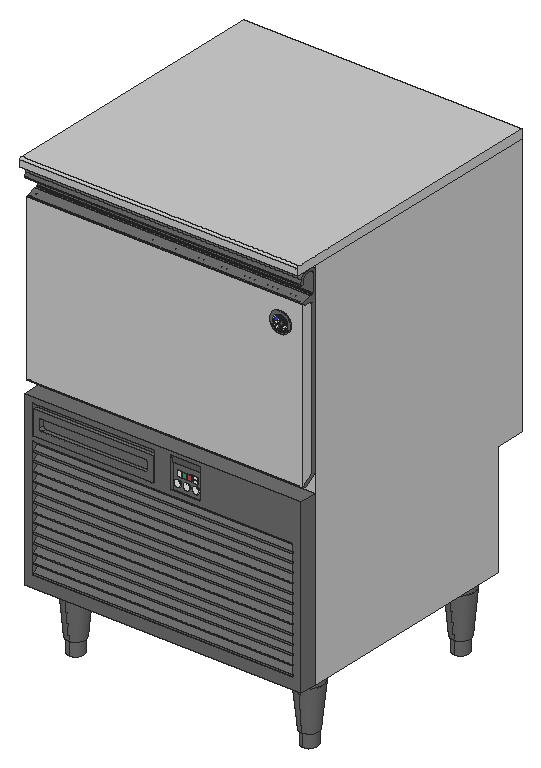
Revit family "QF_HOSHIZAKI_KM-60C-HC-W", category Specialty Equipment, Revit 2016
Family settings
  Part Type = Normal
  Round Connector Dimension = Use Diameter
  OmniClass Number = 23.40.40.14
  OmniClass Title = Food Service Equipment
  Work Plane-Based = No
  Always vertical = Yes
  Cut with Voids When Loaded = No
  Shared = No
  Room Calculation Point = No
Parameters (values of type "KM-60C-HC-W_230V/1Ph/50Hz")
  Weight = 47.00 kg
  Waste Remarks [instance] = ""
  Volts = 230 V
  URL Cutsheet = ""
  URL = "www.hoshizaki-europe.com"
  Status [instance] = ""
  Specification by User [instance] = ""
  Specification by Manufacturer [instance] = ""
  Serial Number = ""
  Seismic Rating = ""
  SMACNA No = ""
  Revision Code [instance] = ""
  Phase = 1
  Number of Poles = 2
  NAFEM Spec ID Number = ""
  Model = "KM-60C-HC-W"
  Min Ckt Ampacity = 0 A
  Max Overcurrent Protection = 0 A
  Masterspec = ""
  Manufacturer = "HOSHIZAKI"
  Length Actual = 605 mm
  Item Number [instance] = ""
  Installed By [instance] = ""
  Indirect Waste Size = 25.4 mm
  Indirect Waste Connection Type [instance] = ""
  Indirect Waste Connection Height [instance] = 301 mm
  Identify Quantity as Lot [instance] = no
  Height Actual = 988 mm
  HP power = ""
  Furnished By [instance] = ""
  Foodservice Equipment Identifier [instance] = yes
  FL Amps = 1.6 A
  Electric power = 255 W
  Electric Connection Type [instance] = ""
  Elec Conn RI Height [instance] = 0 mm
  Elec Conn Connection Height [instance] = 219 mm
  Direct Waste RI Height [instance] = 0 mm
  Description = "SELF CONTAINED KM ICE MAKER, WITH FULLY AUTOMATED CHEMICAL CLEANING FUNCTION, 60KG PER 24 HOURS, CRESCENT"
  Depth Actual = 610 mm
  Cycle = 50 Hz
  Cost = 0
  Conn Plug = ""
  Conn Conduit = no
  Cold Water Temperature Recommended = 0 °C
  Cold Water Size = 19.05 mm
  Cold Water Flow = 0.0 L/s
  Cold Water Connection Height [instance] = 321 mm
  CSI MasterFormat = ""
  Assembly Code = "E1090320"
  Apparent Power = 255 VA
  Accessory = no
Reference planes
  plane 1 "Center (Front/Back)": y = 0
  plane 2: z = 0
  plane 3 "Center (Left/Right)": x = 0
Forms (mm)
  Extrusion 1, solid, not visible
    sketch origin (38, -67, 218) x (1, 0, 0) y (0, 1, 0)
      loop
        line (0, 0) -> (2, 0) -> (2, 2) -> (0, 2) -> (0, 0)
    from 0 to 2
  Extrusion 2, solid, not visible
    sketch origin (93, -33, 323) x (1, 0, 0) y (0, 1, 0)
      loop
        line (0, 0) -> (2, 0) -> (2, 2) -> (0, 2) -> (0, 0)
    from 0 to 2
  Extrusion 3, solid, not visible
    sketch origin (557, -67, 300) x (1, 0, 0) y (0, 1, 0)
      loop
        line (0, 0) -> (2, 0) -> (2, 2) -> (0, 2) -> (0, 0)
    from 0 to 2
Dimensions and locks
  aligned and locked: level to plane 2
Nested families
  nested 1: "QF_HOSHIZAKI_KM-60C-HC-W_230V_1Ph_50Hz" at (0, 0, 0), type "KM-60C-HC-W_230V/1Ph/50Hz"
    with Show Logo yes, Show Clearance yes
Connectors
  electrical at (39, -65, 219), driven by "Apparent Power", driven by "Number of Poles", driven by "Volts"
    settings: on Extrusion 1, index 1, voltage 230 V, apparent load 0 VA, apparent load phase1 255 VA, apparent load phase2 0 VA, apparent load phase3 0 VA, power factor 1, load classification "Other", number of poles 2, system type 31, power factor state 1, is connector primary yes, connector utility no, sub classification motor no, connector description "Electric connection for 'KM-60C-HC-W'"
  piping at (94, -32, 323), diameter 19.05, driven by "Cold Water Size", driven by "Cold Water Flow"
    settings: on Extrusion 2, index 2, connector inside diameter 609.6 mm, connector length 0 mm, flow factor 0, pipe flow 0.0 L/s, pressure drop 0.0 Pa, fitting loss kfactor 0, connector angle 0.00°, fixture units 0, engagement length 0 mm, angle of deflection 0.00°, flow configuration 1, flow direction 1, fitting loss method 0, system type 20, joint type 0, gender type 0, connector reference index -1, connector utility 0, adjustable connector no, is connector primary yes, connector description "Cold Water connection for 'KM-60C-HC-W'"
  piping at (558, -65, 301), diameter 25.4, driven by "Indirect Waste Size"
    settings: on Extrusion 3, index 3, connector inside diameter 609.6 mm, connector length 0 mm, flow factor 0, pipe flow 0.0 L/s, pressure drop 0.0 Pa, fitting loss kfactor 0, connector angle 0.00°, fixture units 0, engagement length 0 mm, angle of deflection 0.00°, flow configuration 1, flow direction 2, fitting loss method 0, system type 16, joint type 0, gender type 0, connector reference index -1, connector utility 0, adjustable connector no, is connector primary no, connector description "Drain connection for 'KM-60C-HC-W'"
Definition of nested family "QF_HOSHIZAKI_KM-60C-HC-W_230V_1Ph_50Hz"
  Parameters (values of type "KM-60C-HC-W_230V/1Ph/50Hz")
    URL = "www.hoshizaki-europe.com"
    Show Logo [instance] = yes
    Show Clearance [instance] = yes
    Model = "KM-60C-HC-W"
    Manufacturer = "HOSHIZAKI"
    Description = "SELF CONTAINED KM ICE MAKER, WITH FULLY AUTOMATED CHEMICAL CLEANING FUNCTION, 60KG PER 24 HOURS, CRESCENT"
    Assembly Code = "E1090320"
  Reference planes
    plane 1 "Back": y = 0
    plane 2: z = 0
    plane 3 "Left": x = 0
    plane 4 "Right": x = 605
    plane 5 "Front": y = -610
    plane 6 "Top": z = 988
  Forms (mm)
    Extrusion 1, solid
      sketch origin (0, 0, 0) x (0, 1, 0) y (0, 0, 1)
        loop
          line (0, 988) -> (-605, 988)
          arc (-605, 988) -> (-608.536, 986.536) -> (-610, 983) r 5
          line (-610, 983) -> (-610, 970) -> (0, 970) -> (0, 988)
      from 0 to 605
    Extrusion 2, solid
      sketch origin (0, 0, 0) x (0, 1, 0) y (0, 0, 1)
        loop
          line (-65, 150) -> (-65, 397) -> (0, 397) -> (0, 970) -> (-560, 970) -> (-560, 150) -> (-65, 150)
      from 0 to 605
    Revolve 3, solid
      sketch origin (48, 0, 0) x (0, 1, 0) y (0, 0, 1)
        loop
          line (-106, 0) -> (-89, 0) -> (-89, 30) -> (-85.966, 30) -> (-76.5, 124) -> (-76.5, 146) -> (-106, 146) -> (-106, 0)
        axis (-106, 0) -> (-106, 146)
      angle from 0 to 360
    Extrusion 4, solid
      sketch origin (0, -0.184, 0) x (0, 1, 0) y (0, 0, 1)
        loop
          arc (-564.152, 560.106) -> (-560.966, 563.691) -> (-559.816, 568.347) r 10
          line (-559.816, 568.347) -> (-559.816, 956.197)
          arc (-559.816, 956.197) -> (-563.19, 963.687) -> (-571.035, 966.123) r 10
          line (-571.035, 966.123) -> (-587.697, 964.077)
          arc (-587.697, 964.077) -> (-593.362, 961.405) -> (-596.326, 955.888) r 10
          line (-596.326, 955.888) -> (-598.012, 946.326)
          arc (-598.012, 946.326) -> (-596.39, 944.009) -> (-594.073, 945.632) r 2
          line (-594.073, 945.632) -> (-592.387, 955.193)
          arc (-592.387, 955.193) -> (-590.608, 958.503) -> (-587.209, 960.106) r 6
          line (-587.209, 960.106) -> (-570.547, 962.152)
          arc (-570.547, 962.152) -> (-565.84, 960.691) -> (-563.816, 956.197) r 6
          line (-563.816, 956.197) -> (-563.816, 915.35)
          arc (-563.816, 915.35) -> (-564.246, 914.146) -> (-565.343, 913.487) r 1.9
          arc (-565.343, 913.487) -> (-565.869, 913.401) -> (-566.401, 913.352) r 7.5
          arc (-566.401, 913.352) -> (-568.987, 913.073) -> (-571.531, 912.527) r 25
          line (-571.531, 912.527) -> (-592.016, 907) -> (-592.016, 905) -> (-590.605, 905)
          arc (-590.605, 905) -> (-589.35, 904.725) -> (-588.326, 903.95) r 3
          arc (-588.326, 903.95) -> (-586.618, 902.659) -> (-584.526, 902.2) r 5
          line (-584.526, 902.2) -> (-574.616, 902.2)
          arc (-574.616, 902.2) -> (-571.08, 900.736) -> (-569.616, 897.2) r 5
          line (-569.616, 897.2) -> (-569.616, 566.869)
          arc (-569.616, 566.869) -> (-570.191, 564.541) -> (-571.784, 562.748) r 5
          line (-571.784, 562.748) -> (-586.848, 552.395)
          arc (-586.848, 552.395) -> (-588.117, 551.134) -> (-588.862, 549.507) r 5
          arc (-588.862, 549.507) -> (-589.572, 548.421) -> (-590.8, 548) r 2
          line (-590.8, 548) -> (-592.016, 548)
          arc (-592.016, 548) -> (-591.43, 546.586) -> (-590.016, 546) r 2
          line (-590.016, 546) -> (-584.677, 546) -> (-564.152, 560.106)
      from 2 to 603
    Extrusion 5, solid
      sketch origin (0, -0.184, 0) x (0, 1, 0) y (0, 0, 1)
        loop
          line (-593.816, 905) -> (-593.816, 548) -> (-590.8, 548)
          arc (-590.8, 548) -> (-589.572, 548.421) -> (-588.862, 549.507) r 2
          arc (-588.862, 549.507) -> (-588.117, 551.134) -> (-586.848, 552.395) r 5
          line (-586.848, 552.395) -> (-571.784, 562.748)
          arc (-571.784, 562.748) -> (-570.191, 564.541) -> (-569.616, 566.869) r 5
          line (-569.616, 566.869) -> (-569.616, 897.2)
          arc (-569.616, 897.2) -> (-571.08, 900.736) -> (-574.616, 902.2) r 5
          line (-574.616, 902.2) -> (-584.526, 902.2)
          arc (-584.526, 902.2) -> (-586.618, 902.659) -> (-588.326, 903.95) r 5
          arc (-588.326, 903.95) -> (-589.35, 904.725) -> (-590.605, 905) r 3
          line (-590.605, 905) -> (-593.816, 905)
      from 2 to 603
    Extrusion 6, solid
      sketch origin (0, -610, 0) x (-1, 0, 0) y (0, 0, 1)
        loop
          line (-1, 523) -> (-604, 523) -> (-604, 150) -> (-1, 150) -> (-1, 523)
        loop
          line (-19.5, 512) -> (-284.5, 512) -> (-284.5, 447) -> (-19.5, 447) -> (-19.5, 512)
        loop
          line (-19.5, 176.5) -> (-19.5, 437) -> (-585.5, 437) -> (-585.5, 176.5) -> (-19.5, 176.5)
      from 11 to 50
    Extrusion 7, solid
      sketch origin (0, 18, 148.5) x (0, 1, 0) y (0, 0, 1)
        loop
          line (-578, 363.5) -> (-607, 363.5) -> (-607, 278.5) -> (-617, 271) -> (-617, 268) -> (-597, 283) -> (-597, 266) -> (-617, 251) -> (-617, 248) -> (-597, 263) -> (-597, 246) -> (-617, 231) -> (-617, 228) -> (-597, 243) -> (-597, 226) -> (-617, 211) -> (-617, 208) -> (-597, 223) -> (-597, 206) -> (-617, 191) -> (-617, 188) -> (-597, 203) -> (-597, 186) -> (-617, 171) -> (-617, 168) -> (-597, 183) -> (-597, 166) -> (-617, 151) -> (-617, 148) -> (-597, 163) -> (-597, 146) -> (-617, 131) -> (-617, 128) -> (-597, 143) -> (-597, 126) -> (-617, 111) -> (-617, 108) -> (-597, 123) -> (-597, 106) -> (-617, 91) -> (-617, 88) -> (-597, 103) -> (-597, 86) -> (-617, 71) -> (-617, 68) -> (-597, 83) -> (-597, 66) -> (-617, 51) -> (-617, 48) -> (-597, 63) -> (-597, 46) -> (-617, 31) -> (-617, 28) -> (-578, 28) -> (-578, 363.5)
      from 585.5 to 19.5
    Extrusion 8, solid, visible <- "Show Logo"
      sketch origin (1014.884, -593.5, -1007.5) x (-1, 0, 0) y (0, 0, -1)
        loop
          circle (459.884, -1862.5) r 13.99
      from -0.5 to 2
    Extrusion 9, solid, visible <- "Show Logo"
      sketch origin (1014.884, -594, -1007.5) x (-1, 0, 0) y (0, 0, -1)
        loop
          circle (459.884, -1862.5) r 15
        loop
          arc (446.884, -1862.5) -> (460.705, -1875.474) -> (472.781, -1860.863) r 13
          line (472.781, -1860.863) -> (470.355, -1858.437) -> (469.346, -1862.201) -> (466.355, -1863.928) -> (465.024, -1865.26) -> (463.375, -1865.26) -> (462.04, -1870.241) -> (457.755, -1870.241) -> (459.339, -1867.979) -> (460.402, -1864.014) -> (461.224, -1860.945) -> (462.416, -1856.497) -> (461.216, -1855.297) -> (459.433, -1857.843) -> (455.784, -1851.523) -> (460.361, -1851.523) -> (461.471, -1853.446) -> (469.213, -1853.446)
          arc (469.213, -1853.446) -> (460.394, -1849.51) -> (451.293, -1852.743) r 13
          line (451.293, -1852.743) -> (455.577, -1853.891) -> (453.752, -1856.497) -> (455.349, -1856.497) -> (454.477, -1866.459) -> (452.538, -1866.459) -> (446.884, -1862.5)
        loop
          line (447.853, -1857.467) -> (452.313, -1861.926) -> (450.144, -1853.891)
          arc (450.144, -1853.891) -> (448.878, -1855.602) -> (447.853, -1857.467) r 15.828
        loop
          line (463.583, -1862.877) -> (466.64, -1862.399) -> (464.901, -1861.285) -> (463.583, -1857.664) -> (463.583, -1862.877)
        loop
          line (464.827, -1855.979) -> (468.296, -1856.908) -> (469.573, -1854.916) -> (468.881, -1854.224) -> (467.914, -1855.035) -> (464.827, -1855.979)
        loop
          line (462.609, -1872.307) -> (462.609, -1874.009) -> (464.927, -1873.388) -> (462.609, -1872.307)
        loop
          line (460.361, -1874.662) -> (459.594, -1873.335) -> (460.801, -1872.638) -> (459.186, -1872.205) -> (458.298, -1874.11) -> (460.361, -1874.662)
        loop
          line (459.623, -1846.783) -> (460.706, -1845.701) -> (462.247, -1845.701) -> (461.191, -1844.645) -> (461.503, -1842.874) -> (459.623, -1843.959) -> (457.743, -1842.874) -> (458.055, -1844.645) -> (456.999, -1845.701) -> (458.54, -1845.701) -> (459.623, -1846.783)
        loop
          line (446.86, -1853.7) -> (446.594, -1852.191) -> (447.478, -1850.929) -> (446.007, -1851.188) -> (444.736, -1849.917) -> (444.547, -1852.08) -> (442.579, -1852.997) -> (444.209, -1853.757) -> (444.468, -1855.228) -> (445.352, -1853.965) -> (446.86, -1853.7)
        loop
          line (452.395, -1848.68) -> (452.856, -1847.219) -> (454.223, -1846.508) -> (452.799, -1846.059) -> (452.258, -1844.344) -> (451.091, -1846.175) -> (448.922, -1846.08) -> (450.017, -1847.507) -> (449.568, -1848.931) -> (450.935, -1848.219) -> (452.395, -1848.68)
        loop
          line (472.909, -1853.7) -> (474.417, -1853.965) -> (475.301, -1855.228) -> (475.56, -1853.757) -> (477.19, -1852.997) -> (475.222, -1852.08) -> (475.033, -1849.917) -> (473.761, -1851.188) -> (472.291, -1850.929) -> (473.175, -1852.191) -> (472.909, -1853.7)
        loop
          line (467.374, -1848.68) -> (468.834, -1848.219) -> (470.201, -1848.931) -> (469.752, -1847.507) -> (470.847, -1846.08) -> (468.678, -1846.175) -> (467.511, -1844.344) -> (466.97, -1846.059) -> (465.546, -1846.508) -> (466.913, -1847.219) -> (467.374, -1848.68)
      from 0 to 2
    Extrusion 10, solid, visible <- "Show Logo"
      sketch origin (1014.884, -594, -1007.5) x (-1, 0, 0) y (0, 0, -1)
        loop
          line (462.609, -1874.009) -> (462.609, -1872.307) -> (462.085, -1870.241) -> (457.755, -1870.241) -> (459.339, -1867.979) -> (462.416, -1856.497) -> (461.216, -1855.297) -> (459.433, -1857.843) -> (455.808, -1851.565) -> (453.948, -1851.565) -> (455.577, -1853.891) -> (454.477, -1866.459) -> (456.345, -1871.339)
          arc (456.345, -1871.339) -> (456.868, -1874.025) -> (459.213, -1875.435) r 3.366
          arc (459.213, -1875.435) -> (460.198, -1875.496) -> (461.183, -1875.435) r 8.046
          line (461.183, -1875.435) -> (462.609, -1874.009)
        loop
          line (456.854, -1851.523) -> (460.361, -1851.523) -> (460.916, -1852.485) -> (462.702, -1852.485) -> (463.779, -1851.407) -> (460.623, -1851.407) -> (461.563, -1850.468) -> (456.245, -1850.468) -> (456.854, -1851.523)
        loop
          line (460.361, -1874.662) -> (459.594, -1873.335) -> (460.801, -1872.638) -> (459.186, -1872.205) -> (458.298, -1874.11) -> (460.361, -1874.662)
      from 0 to 2
    Extrusion 11, solid, visible <- "Show Logo"
      sketch origin (229.5, -593, 416.096) x (1, 0, 0) y (0, 0, 1)
        loop
          circle (325.5, 438.904) r 22.5
      from 0 to 2
    Extrusion 12, solid
      sketch origin (-0.5, -610, 1.452) x (-1, 0, 0) y (0, 0, 1)
        loop
          line (-21, 498.548) -> (-284, 498.548) -> (-284, 446.548) -> (-21, 446.548) -> (-21, 498.548)
        loop
          line (-39.5, 486.548) -> (-265.5, 486.548)
          arc (-265.5, 486.548) -> (-269.036, 485.084) -> (-270.5, 481.548) r 5
          line (-270.5, 481.548) -> (-270.5, 466.048)
          arc (-270.5, 466.048) -> (-269.036, 462.513) -> (-265.5, 461.048) r 5
          line (-265.5, 461.048) -> (-39.5, 461.048)
          arc (-39.5, 461.048) -> (-35.964, 462.513) -> (-34.5, 466.048) r 5
          line (-34.5, 466.048) -> (-34.5, 481.548)
          arc (-34.5, 481.548) -> (-35.964, 485.084) -> (-39.5, 486.548) r 5
      from 11 to 21
    Extrusion 13, solid
      sketch origin (0, 0, 0) x (1, 0, 0) y (0, 1, 0)
        loop
          line (87, -145) -> (87, -67) -> (9, -67) -> (9, -145) -> (87, -145)
      from 146 to 150
    Revolve 14, solid
      sketch origin (48, -412, 0) x (0, 1, 0) y (0, 0, 1)
        loop
          line (-106, 0) -> (-89, 0) -> (-89, 30) -> (-85.966, 30) -> (-76.5, 124) -> (-76.5, 146) -> (-106, 146) -> (-106, 0)
        axis (-106, 0) -> (-106, 146)
      angle from 0 to 360
    Extrusion 15, solid
      sketch origin (0, -412, 0) x (1, 0, 0) y (0, 1, 0)
        loop
          line (87, -145) -> (87, -67) -> (9, -67) -> (9, -145) -> (87, -145)
      from 146 to 150
    Revolve 16, solid
      sketch origin (557, 0, 0) x (0, 1, 0) y (0, 0, 1)
        loop
          line (-106, 0) -> (-89, 0) -> (-89, 30) -> (-85.966, 30) -> (-76.5, 124) -> (-76.5, 146) -> (-106, 146) -> (-106, 0)
        axis (-106, 0) -> (-106, 146)
      angle from 0 to 360
    Extrusion 17, solid
      sketch origin (509, 0, 0) x (1, 0, 0) y (0, 1, 0)
        loop
          line (87, -145) -> (87, -67) -> (9, -67) -> (9, -145) -> (87, -145)
      from 146 to 150
    Revolve 18, solid
      sketch origin (557, -412, 0) x (0, 1, 0) y (0, 0, 1)
        loop
          line (-106, 0) -> (-89, 0) -> (-89, 30) -> (-85.966, 30) -> (-76.5, 124) -> (-76.5, 146) -> (-106, 146) -> (-106, 0)
        axis (-106, 0) -> (-106, 146)
      angle from 0 to 360
    Extrusion 19, solid
      sketch origin (509, -412, 0) x (1, 0, 0) y (0, 1, 0)
        loop
          line (87, -145) -> (87, -67) -> (9, -67) -> (9, -145) -> (87, -145)
      from 146 to 150
    Extrusion 20, solid, visible <- "Show Clearance", detail levels coarse
      sketch origin (0, 0, 0) x (0, 1, 0) y (0, 0, 1)
        loop
          line (-594, 544.412) -> (-594, 964.843)
          arc (-594, 964.843) -> (-794.857, 901.5) -> (-923, 734.36) r 350
          line (-923, 734.36) -> (-594, 544.412)
      from 2 to 603
    Blend 21, void
      base sketch origin (77, 0, 0) x (1, 0, 0) y (0, 0, 1)
        loop
          line (308, 514.548) -> (243, 514.548) -> (243, 446.548) -> (308, 446.548) -> (308, 514.548)
      top sketch origin (77, 0, 0) x (1, 0, 0) y (0, 0, 1)
        loop
          line (308, 500.548) -> (243, 500.548) -> (243, 446.548) -> (308, 446.548) -> (308, 500.548)
      from 599 to 595
    Extrusion 22, solid
      sketch origin (87.5, -610, 0) x (-1, 0, 0) y (0, 0, 1)
        loop
          line (-265.14, 488.748) -> (-274.86, 488.748) -> (-274.86, 476.748) -> (-265.14, 476.748) -> (-265.14, 488.748)
      from 16 to 14
    Extrusion 23, solid
      sketch origin (66.5, -610, 0) x (-1, 0, 0) y (0, 0, 1)
        loop
          line (-265.14, 488.748) -> (-274.86, 488.748) -> (-274.86, 476.748) -> (-265.14, 476.748) -> (-265.14, 488.748)
      from 16 to 14
    Extrusion 24, solid
      sketch origin (77, -610, 0) x (-1, 0, 0) y (0, 0, 1)
        loop
          line (-265.14, 488.748) -> (-274.86, 488.748) -> (-274.86, 476.748) -> (-265.14, 476.748) -> (-265.14, 488.748)
      from 16 to 14
    Extrusion 25, solid
      sketch origin (101.5, -610, 1) x (-1, 0, 0) y (0, 0, 1)
        loop
          line (-265.14, 488.748) -> (-274.86, 488.748) -> (-274.86, 482.748) -> (-265.14, 482.748) -> (-265.14, 488.748)
      from 16 to 14
    Extrusion 26, solid
      sketch origin (101.5, -610, 964.497) x (-1, 0, 0) y (0, 0, 1)
        loop
          line (-265.14, -488.748) -> (-265.14, -482.748) -> (-274.86, -482.748) -> (-274.86, -488.748) -> (-265.14, -488.748)
      from 16 to 14
    Extrusion 27, solid
      sketch origin (62.5, -610, -20) x (-1, 0, 0) y (0, 0, 1)
        loop
          circle (-270, 482.748) r 7
      from 16 to 14
    Extrusion 28, solid
      sketch origin (82.5, -610, -20) x (-1, 0, 0) y (0, 0, 1)
        loop
          circle (-270, 482.748) r 7
      from 16 to 14
    Extrusion 29, solid
      sketch origin (642.5, -610, -20) x (1, 0, 0) y (0, 0, -1)
        loop
          circle (-270, -482.748) r 7
      from 16 to 14
    Extrusion 30, solid
      sketch origin (153, 0, 0) x (1, 0, 0) y (0, 0, 1)
        loop
          circle (405, 301) r 12.5
        loop
          circle (405, 301) r 11
      from 50 to 65
    Extrusion 31, solid
      sketch origin (0, 0, 0) x (0, 1, 0) y (0, 0, 1)
        loop
          line (-65, 397) -> (-65, 321) -> (-3, 321) -> (-3, 397) -> (-65, 397)
      from 47 to 137
  Cuts and joins
    Blend 21 cuts Extrusion 6
  Lines and regions (mm)
    symbolic lines
      curve 1: line (0, 0, 0) -> (605, 0, 0)
      curve 2: line (605, 0, 0) -> (605, -610, 0)
      curve 3: line (605, -610, 0) -> (0, -610, 0)
      curve 4: line (0, -610, 0) -> (0, 0, 0)
    symbolic lines, visible <- "Show Clearance"
      curve 5: line (2, -923, 0) -> (2, -610, 0)
      curve 6: line (2, -923, 0) -> (603, -923, 0)
      curve 7: line (603, -923, 0) -> (603, -610, 0)
  Dimensions and locks
    plane 6 "Top" to level = 988 mm
    plane 5 "Front" to plane 1 "Back" = 610 mm
    plane 3 "Left" to plane 4 "Right" = 605 mm
    aligned and locked: level to plane 2
    aligned and locked: Extrusion 1 to plane 4 "Right"
    aligned and locked: Extrusion 2 to plane 4 "Right"
